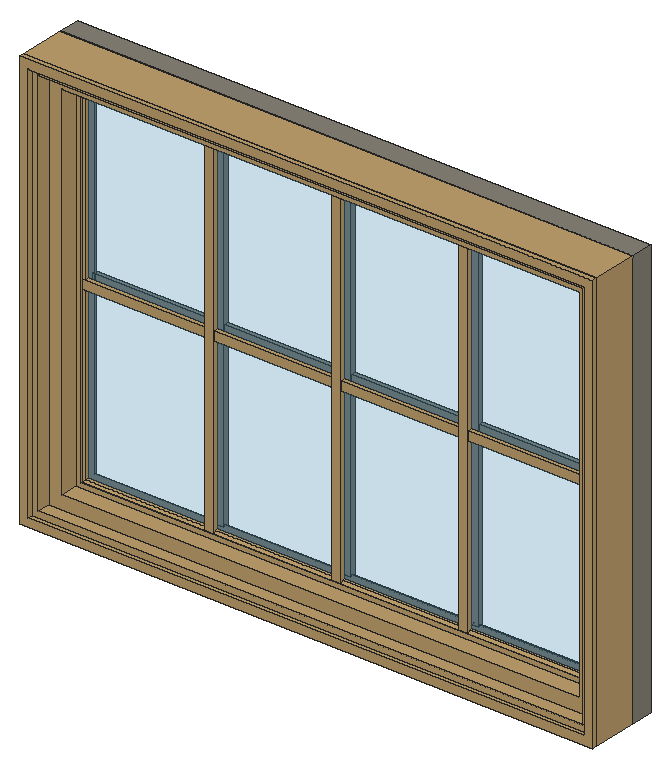
Revit family
Parameters (values of type "CUPAWN4836")
  Window Type = "Clad Ultimate Push Out Awning"
  Vent Area = VO Width * VO Height  # 8.52221 SF
  VO Width = if(Width < 1' 8", Width - 0' 9 19/32", Width - 0' 7 7/64")  # 3' - 4 57/64"
  VO Height = Height - 0' 5 29/256"  # 2' - 6 3/256"
  URL = "www.marvin.com"
  Prairie Corner Width = 0' - 4"
  Prairie Corner Height = 0' - 4"
  Nominal Width = 4' - 0"
  Nominal Height = 3' - 0"
  Muntins Interior Material = Wood-Marvin-Pine
  Muntins Exterior Material = Aluminum-Marvin-Bronze
  Model = "CUPAWN4836"
  Manufacturer = "Marvin Windows and Doors"
  Lites Wide Constraint = if(Nominal Width > 1' 4", Lites Wide, if(Lites Wide < 2, 1, 2))  # 4
  Lites Wide = 4
  Lites High Constraint = if(Nominal Height > 1' 4", Lites High, if(Lites High < 2, 1, 2))  # 2
  Lites High = 2
  Lite Cut Prairie 9 Constraint = if(and(Nominal Width > 1' 4", Nominal Height > 1' 4"), Lite Cut Prairie 9, 1 = 0)  # no
  Lite Cut Prairie 9 = no
  Lite Cut HV Grid = not(Lite Cut Prairie 9 Constraint)  # yes
  Label Visibility = no
  Interior Material = Wood-Marvin-Pine
  Glazing Material = Glass-Marvin-IG Low E II with Argon
  Glass Type = "IG Low E II with Argon"
  Frame = "Aluminum Clad"
  Family created by = "www.rbuiltcomponents.com"
  Elev Swing Visibility [instance] = yes
  Rough Width = Width + 0' 1"  # 4' - 1"
  Rough Height = Height + 0' 0 1/2"  # 2' - 11 5/8"
  Muntins Interior Visibility = yes
  Muntins Exterior Visibility = yes
  Jamb Extension Visibility = yes
  Inset to Installation Flange [instance] = 0' - 1"
  Height = Nominal Height - 0' 0 7/8"  # 2' - 11 1/8"
  Design Pressure = "DP50"
  Description = "4836 AWNG"
  Default Head Height = 8' - 0"
  Wall Closure = (empty or 0)
  Width = Nominal Width  # 4' - 0"
  Daylight Area = DLO Width * DLO Height  # 8.58765 SF
  DLO Width = Width - 0' 5 13/16"  # 3' - 6 3/16"
  DLO Height = Height - 0' 5 13/16"  # 2' - 5 5/16"
  Cladding Material = Aluminum-Marvin-Bronze
  Assembly Code = ""
  Note To User = "All Lite Constraints Apply To Nominal Widths Or Heights < 1 - 6"  # constant formula
Reference planes (in)
  plane 1 "Center (Front/Back)": y = 0
  plane 2: z = 0
  plane 3 "Center (Left/Right)": x = -3
  plane 4 "Left": x = -27
  plane 5 "Right": x = 21
  plane 6 "Sill": z = 60.875
  plane 7 "Top": z = 96
  plane 8 "Inset": y = 2
  plane 9 "Glazing": y = 1.25
  plane 10 "Jamb Ext Face": y = -2.5625
  plane 11: z = 78.4375
  plane 12: y = -2.625
Forms (in)
  Sweep 1, solid, material "Aluminum-Marvin-Bronze" <- "Cladding Material"
    path origin (0, 1.25, 0) x (1, 0, 0) y (0, 0, 1)
      loop
        line (-27, 96) -> (-27, 60.875) -> (21, 60.875) -> (21, 96) -> (-27, 96)
    profile "Profile_Ext_Clad_Frame : Profile_Ext_Clad_Frame" origin (-27, 1.25, 78.4375) x (1, 0, 0) y (0, -1, 0)
      loop
        line (0, 0) -> (0, -1.84401) -> (0.52105, -1.84401) -> (0.62315, -0.38401) -> (2.696, -0.38401) -> (2.696, -0.2654) -> (2.896, -0.0654) -> (2.896, 0) -> (0, 0)
  Sweep 2, solid, material "Wood-Marvin-Pine" <- "Interior Material"
    path origin (0, 1.25, 0) x (1, 0, 0) y (0, 0, 1)
      loop
        line (-27, 96) -> (-27, 60.875) -> (21, 60.875) -> (21, 96) -> (-27, 96)
    profile "Profile_Int_Frame : Profile_Int_Frame" origin (-27, 1.25, 78.4375) x (1, 0, 0) y (0, -1, 0)
      loop
        line (0, 0) -> (2.208, 0) -> (2.208, 0.75299) -> (2.896, 0.75299) -> (2.896, 0.94965) -> (2.7085, 1.13715) -> (2.7085, 1.23699) -> (2.30184, 1.23699) -> (2.30184, 2.71113) -> (1.188, 2.71113) -> (1.188, 3.81199) -> (0, 3.81199) -> (0, 0)
  Extrusion 3, solid, material "Wood-Marvin-Pine" <- "Interior Material", visible <- "Jamb Extension Visibility", detail levels medium+fine
    sketch origin (0, -2.5625, 0) x (1, 0, 0) y (0, 0, 1)
      loop
        line (-27, 96) -> (-27, 60.875) -> (21, 60.875) -> (21, 96) -> (-27, 96)
      loop
        line (-26.3125, 61.5625) -> (20.3125, 61.5625) -> (20.3125, 95.3125) -> (-26.3125, 95.3125) -> (-26.3125, 61.5625)
    from 0.0625 to 0.4375
  Extrusion 4, solid, material "Glass-Marvin-IG Low E II with Argon" <- "Glazing Material"
    sketch origin (0, 1.25, 0) x (1, 0, 0) y (0, 0, 1)
      loop
        line (18.65625, 93.65625) -> (-24.65625, 93.65625) -> (-24.65625, 63.21875) -> (18.65625, 63.21875) -> (18.65625, 93.65625)
    from 0 to 0.125
  Extrusion 5, solid, material "Glass-Marvin-IG Low E II with Argon" <- "Glazing Material"
    sketch origin (0, 1.25, 0) x (1, 0, 0) y (0, 0, 1)
      loop
        line (18.65625, 93.65625) -> (-24.65625, 93.65625) -> (-24.65625, 63.21875) -> (18.65625, 63.21875) -> (18.65625, 93.65625)
    from 0.625 to 0.75
Lines and regions (in)
  Opening 1
    outline origin (-60, -3, 0) x (1, 0, 0) y (0, 0, 1)
      loop
        line (33, 96) -> (33, 60.875) -> (81, 60.875) -> (81, 96) -> (33, 96)
  Masking region 1
    outline origin (0, 0, 60.875) x (0, -1, 0) y (1, 0, 0)
      loop
        line (-3.09401, -27) -> (2.5625, -27) -> (2.5625, 21) -> (-3.09401, 21) -> (-3.09401, -27)
  Masking region 2
    outline origin (-3, 0, 0) x (0, 1, 0) y (0, 0, 1)
      loop
        line (3.09401, 96) -> (-2.5625, 96) -> (-2.5625, 60.875) -> (3.09401, 60.875) -> (3.09401, 96)
  Masking region 3, visible <- "Jamb Extension Visibility"
    outline origin (0, 0, 0) x (1, 0, 0) y (0, 1, 0)
      loop
        line (-27, -2.625) -> (-27, -3) -> (21, -3) -> (21, -2.625) -> (-27, -2.625)
  Masking region 4, visible <- "Jamb Extension Visibility"
    outline origin (-3, 0, 0) x (0, 1, 0) y (0, 0, 1)
      loop
        line (-2.625, 96) -> (-3, 96) -> (-3, 60.875) -> (-2.625, 60.875) -> (-2.625, 96)
  symbolic lines, style "Jamb Extension", visible <- "Jamb Extension Visibility", detail levels fine
    curve 1: line (-27, -3, 60.875) -> (-26.3125, -3, 60.875)
    curve 2: line (-26.3125, -3, 60.875) -> (-26.3125, -2.625, 60.875)
    curve 3: line (21, -3, 60.875) -> (20.3125, -3, 60.875)
    curve 4: line (20.3125, -3, 60.875) -> (20.3125, -2.625, 60.875)
    curve 5: line (-3, -3, 95.3125) -> (-3, -2.625, 95.3125)
    curve 6: line (-3, -3, 61.5625) -> (-3, -2.625, 61.5625)
  symbolic lines, style "WindowsFrameMullionProjection", detail levels coarse+medium
    curve 7: line (21, -2.5625, 0) -> (19.812, -2.5625, 0)
    curve 8: line (19.812, -2.5625, 0) -> (19.812, 3.09401, 0)
    curve 9: line (19.812, 3.09401, 0) -> (21, 3.09401, 0)
    curve 10: line (19.812, 1.63401, 0) -> (18.104, 1.63401, 0)
    curve 11: line (18.104, 1.63401, 0) -> (18.104, 0.01301, 0)
    curve 12: line (-25.812, 0.01301, 0) -> (-24.13337, 0.01301, 0)
    curve 13: line (-27, -2.5625, 0) -> (-25.812, -2.5625, 0)
    curve 14: line (-25.812, -2.5625, 0) -> (-25.812, 3.09401, 0)
    curve 15: line (-25.812, 3.09401, 0) -> (-27, 3.09401, 0)
    curve 16: line (-24.13337, 1.63401, 0) -> (-24.13337, 0.01301, 0)
    curve 17: line (-3, 3.09401, 96) -> (-3, 3.09401, 94.812)
    curve 18: line (-3, 3.09401, 94.812) -> (-3, -2.5625, 94.812)
    curve 19: line (-3, -2.5625, 94.812) -> (-3, -2.5625, 96)
    curve 20: line (-3, 1.63401, 94.812) -> (-3, 1.63401, 93.104)
    curve 21: line (-3, 1.63401, 93.104) -> (-3, 0.00901, 93.104)
    curve 22: line (-3, 0.00901, 62.063) -> (-3, 0.00901, 63.771)
    curve 23: line (-3, 3.09401, 60.875) -> (-3, 3.09401, 62.063)
    curve 24: line (-3, 3.09401, 62.063) -> (-3, -2.5625, 62.063)
    curve 25: line (-3, -2.5625, 62.063) -> (-3, -2.5625, 60.875)
    curve 26: line (-3, 1.63401, 63.771) -> (-3, 0.00901, 63.771)
    curve 29: line (18.104, 1.63401, 0) -> (-24.13337, 1.63401, 0)
    curve 30: line (18.104, 0.01301, 0) -> (19.812, 0.01301, 0)
    curve 31: line (-24.13337, 0.01301, 0) -> (18.104, 0.01301, 0)
    curve 32: line (-24.13337, 1.63401, 0) -> (-25.812, 1.63401, 0)
    curve 33: line (-3, 0.00901, 63.771) -> (-3, 0.00901, 93.104)
    curve 34: line (-3, 1.63401, 63.771) -> (-3, 1.63401, 62.063)
    curve 35: line (-3, 0.00901, 93.104) -> (-3, 0.00901, 94.812)
    curve 36: line (-3, 1.63401, 93.104) -> (-3, 1.63401, 63.771)
  symbolic lines, style "WindowsGlassProjection", detail levels coarse+medium
    curve 27: line (-3, 0.82151, 93.104) -> (-3, 0.82151, 63.771)
    curve 28: line (-24.13337, 0.82351, 0) -> (18.104, 0.82351, 0)
  symbolic lines, style "Elevation Swing", visible <- "Elev Swing Visibility"
    curve 37: line (20.37685, 0, 61.49815) -> (-3, 0, 95.37685)
    curve 38: line (-26.37685, 0, 61.49815) -> (-3, 0, 95.37685)
  symbolic lines, style "WindowsFrameMullionProjection"
    curve 39: line (-3, -2.5625, 62.063) -> (-3, -2.5625, 94.812)
    curve 40: line (-25.812, -2.5625, 60.875) -> (19.812, -2.5625, 60.875)
  symbolic lines, style "WindowsFrameMullionProjection", visible <- "Jamb Extension Visibility", detail levels coarse+medium
    curve 41: line (-26.3125, -2.625, 60.875) -> (-26.3125, -3, 60.875)
    curve 42: line (-26.3125, -3, 60.875) -> (-27, -3, 60.875)
    curve 43: line (20.3125, -2.625, 60.875) -> (20.3125, -3, 60.875)
    curve 44: line (20.3125, -3, 60.875) -> (21, -3, 60.875)
    curve 47: line (-3, -2.625, 95.3125) -> (-3, -3, 95.3125)
    curve 48: line (-3, -3, 95.3125) -> (-3, -3, 96)
    curve 49: line (-3, -2.625, 61.5625) -> (-3, -3, 61.5625)
    curve 50: line (-3, -3, 61.5625) -> (-3, -3, 60.875)
  symbolic lines, style "Jamb Extension", visible <- "Jamb Extension Visibility"
    curve 45: line (-3, -3, 61.5625) -> (-3, -3, 60.875)
    curve 46: line (-3, -3, 95.3125) -> (-3, -3, 96)
Text (in)
  text "EXTERIOR" at (-58.6888, 50.90694, 0), in view "Ref. Level"
  text "INTERIOR" at (-58.6888, -37.76638, 0), in view "Ref. Level"
  text "Exterior" at (0, 43.65631, 123.19604), in view "Left"
  text "Exterior" at (0, 18.29385, 125.04747), in view "Right"
Dimensions and locks (in)
  equal spacing: plane 4 "Left", plane 3 "Center (Left/Right)", plane 5 "Right"
  "Width": plane 4 "Left" to plane 5 "Right"
  "Height": plane 6 "Sill" to plane 7 "Top"
  "Inset to Installation Flange": host wall to plane 8 "Inset"
  locked: plane 9 "Glazing" to plane 8 "Inset" at 0.75
  locked: plane 10 "Jamb Ext Face" to plane 8 "Inset" at 4.5625
  locked: Extrusion 4 sketch curve to plane 5 "Right" at 2.34375
  locked: plane 4 "Left" to Extrusion 4 sketch curve at 2.34375
  locked: Extrusion 4 sketch curve to plane 7 "Top" at 2.34375
  locked: plane 6 "Sill" to Extrusion 4 sketch curve at 2.34375
  plane 8 "Inset" to curve 20 to curve 35 = 0' - 0.36599", 0' - 1 5/8"
  equal spacing: curve 30, curve 10, plane 8 "Inset"
  locked: nested 3 to plane 9 "Glazing" at 0.75
  equal spacing: plane 6 "Sill", plane 11, plane 7 "Top"
  "Default Head Height": plane 2 to plane 7 "Top"
  locked: Extrusion 3 sketch curve to Extrusion 3 sketch curve at 0.6875  (x2)
  locked: Sweep 2 to Extrusion 3 sketch curve at 0.6875
  locked: plane 7 "Top" to Extrusion 3 sketch curve at 0.6875
  locked: nested 5 to host wall at 12.00106
  locked: Extrusion 5 sketch curve to plane 7 "Top" at 2.34375
  locked: Extrusion 5 sketch curve to plane 5 "Right" at 2.34375
  locked: plane 6 "Sill" to Extrusion 5 sketch curve at 2.34375
  locked: plane 4 "Left" to Extrusion 5 sketch curve at 2.34375
  locked: plane 9 "Glazing" to Extrusion 4 at 0.125
  locked: plane 9 "Glazing" to Extrusion 5 at 0.625
  locked: plane 9 "Glazing" to Extrusion 5 at 0.75
  locked: Extrusion 5 to Extrusion 5 at 0.125
  locked: plane 12 to plane 10 "Jamb Ext Face" at 0.0625
  aligned and locked: plane 7 "Top" to Opening 1 sketch curve
  aligned and locked: plane 6 "Sill" to Opening 1 sketch curve  (x2)
  aligned and locked: plane 5 "Right" to Opening 1 sketch curve
  aligned and locked: plane 4 "Left" to Opening 1 sketch curve
  aligned and locked: nested 1 to plane 3 "Center (Left/Right)"
  aligned and locked: plane 8 "Inset" to nested 1
  aligned and locked: host wall to curve 1
  aligned and locked: curve 3 to host wall
  aligned and locked: plane 7 "Top" to Sweep 1 sketch curve
  aligned and locked: Sweep 1 sketch curve to plane 6 "Sill"
  aligned and locked: plane 5 "Right" to Sweep 1 sketch curve
  aligned and locked: Sweep 1 sketch curve to plane 4 "Left"
  aligned and locked: Sweep 2 sketch curve to plane 4 "Left"
  aligned and locked: plane 5 "Right" to Sweep 2 sketch curve
  aligned and locked: plane 7 "Top" to Sweep 2 sketch curve
  aligned and locked: Sweep 2 sketch curve to plane 6 "Sill"
  aligned and locked: plane 6 "Sill" to nested 2
  aligned and locked: plane 8 "Inset" to nested 2
  aligned and locked: Extrusion 3 sketch curve to plane 6 "Sill"
  aligned and locked: plane 5 "Right" to Extrusion 3 sketch curve
  aligned and locked: plane 11 to nested 3
  aligned and locked: plane 9 "Glazing" to nested 4
  aligned and locked: nested 4 to plane 11
  aligned and locked: nested 4 to plane 3 "Center (Left/Right)"
  aligned and locked: plane 3 "Center (Left/Right)" to nested 3
  aligned and locked: plane 5 "Right" to Masking region 1 sketch curve
  aligned and locked: Masking region 1 sketch curve to plane 4 "Left"
  aligned and locked: Masking region 1 sketch curve to Sweep 1
  aligned and locked: Masking region 2 sketch curve to Sweep 1
  aligned and locked: plane 7 "Top" to Masking region 2 sketch curve
  aligned and locked: Masking region 2 sketch curve to plane 6 "Sill"
  aligned and locked: host wall to Extrusion 3
  aligned and locked: Sweep 1 to curve 15
  aligned and locked: curve 9 to Sweep 1
  aligned and locked: curve 23 to Sweep 1
  aligned and locked: curve 17 to Sweep 1
  aligned and locked: plane 3 "Center (Left/Right)" to nested 5
  aligned and locked: Extrusion 3 sketch curve to plane 4 "Left"
  aligned and locked: plane 7 "Top" to Extrusion 3 sketch curve
  aligned and locked: curve 5 to Extrusion 3
  aligned and locked: curve 2 to Extrusion 3
  aligned and locked: curve 4 to Extrusion 3
  aligned and locked: plane 10 "Jamb Ext Face" to curve 13
  aligned and locked: curve 7 to plane 10 "Jamb Ext Face"
  aligned and locked: curve 40 to curve 14
  aligned and locked: curve 40 to curve 8
  aligned and locked: plane 10 "Jamb Ext Face" to curve 40
  aligned and locked: plane 4 "Left" to curve 42
  aligned and locked: curve 41 to Extrusion 3
  aligned and locked: curve 42 to host wall
  aligned and locked: plane 5 "Right" to curve 44
  aligned and locked: Extrusion 3 to curve 43
  aligned and locked: host wall to curve 44
  aligned and locked: curve 25 to plane 10 "Jamb Ext Face"
  aligned and locked: curve 24 to curve 39
  aligned and locked: plane 6 "Sill" to curve 45
  aligned and locked: curve 45 to Extrusion 3
  aligned and locked: curve 45 to host wall
  aligned and locked: plane 10 "Jamb Ext Face" to curve 19
  aligned and locked: plane 7 "Top" to curve 46
  aligned and locked: plane 7 "Top" to curve 48
  aligned and locked: host wall to curve 48
  aligned and locked: Extrusion 3 to curve 47
  aligned and locked: plane 6 "Sill" to curve 50
  aligned and locked: curve 49 to Extrusion 3
  aligned and locked: Sweep 2 to curve 39
  aligned and locked: Extrusion 4 to plane 9 "Glazing"
  aligned and locked: Sweep 1 to curve 10
  aligned and locked: Sweep 1 to curve 32
  aligned and locked: curve 12 to Sweep 2
  aligned and locked: Sweep 2 to curve 30
  aligned and locked: curve 8 to nested 1
  aligned and locked: curve 14 to Sweep 2
  aligned and locked: Extrusion 3 to plane 12
  aligned and locked: plane 12 to curve 2
  aligned and locked: plane 12 to curve 41
  aligned and locked: plane 12 to curve 4
  aligned and locked: plane 12 to curve 43
  aligned and locked: plane 12 to curve 5
  aligned and locked: plane 12 to curve 47
  aligned and locked: plane 12 to curve 6
  aligned and locked: plane 12 to curve 49
  aligned and locked: plane 12 to Masking region 3 sketch curve
  aligned and locked: Masking region 3 sketch curve to host wall
  aligned and locked: Masking region 3 sketch curve to plane 4 "Left"
  aligned and locked: plane 5 "Right" to Masking region 3 sketch curve
  aligned and locked: plane 12 to Masking region 4 sketch curve
  aligned and locked: Masking region 4 sketch curve to host wall
  aligned and locked: plane 7 "Top" to Masking region 4 sketch curve
  aligned and locked: Masking region 4 sketch curve to plane 6 "Sill"
  aligned and locked: Masking region 1 sketch curve to plane 10 "Jamb Ext Face"
  aligned and locked: Masking region 2 sketch curve to plane 10 "Jamb Ext Face"
  aligned and locked: Sweep 1 to curve 37  (x2)
  aligned and locked: curve 38 to Sweep 1
Automatic sketch dimensions
  curve 13 to plane 4 "Left" = 0' - 0"
  curve 15 to plane 4 "Left" = 0' - 0"
  curve 7 to plane 5 "Right" = 0' - 0"
  curve 9 to plane 5 "Right" = 0' - 0"
  plane 9 "Glazing" to curve 28 = 0' - 0.42649"
  curve 11 to curve 30 = 0' - 1.708"
  curve 1 to plane 4 "Left" = 0' - 0"
  curve 3 to plane 5 "Right" = 0' - 0"
  curve 25 to plane 6 "Sill" = 0' - 0"
  curve 23 to plane 6 "Sill" = 0' - 0"
  curve 17 to plane 7 "Top" = 0' - 0"
  curve 19 to plane 7 "Top" = 0' - 0"
  plane 9 "Glazing" to curve 27 = 0' - 0.42849"
  curve 6 to curve 25 = 0' - 0.5005"
  curve 22 to curve 26 = 0' - 1.708"
  curve 36 to curve 20 = 0' - 1.708"
  curve 12 to curve 16 = 0' - 1.67863"
  curve 37 to plane 3 "Center (Left/Right)" = 0' - 0"
  curve 38 to plane 4 "Left" = 0' - 0.62315"
  plane 5 "Right" to curve 37 = 0' - 0.62315"
Nested families (in)
  nested 1: "Casement_Plan_Detail" at (-3, 2, 60.875) x (-1, 0, 0) z (0, 0, -1), type "Casement_Plan_Detail", detail levels fine
    with Width 4' - 0"
  nested 2: "Casement_Section_Detail" at (-3, 2, 96) x (0, -1, 0) z (1, 0, 0), type "Casement_Section_Detail", detail levels fine
    with Height 2' - 11 1/8"
  nested 3: "Muntins" at (-3, 0.5, 27.78125), visible <- "Muntins Interior Visibility", Muntin Material <- "Interior Material", type "Muntins"
    with Muntin Material Wood-Marvin-Pine, GlazingWidth 3' - 6 3/16", GlazingHeight 2' - 5 5/16", Width 3' - 6 5/8", VerticalMuntins 3, LitesVertical 2, LitesHorizontal 4, HorizMuntVisible no, Height 2' - 5 3/4", Inset Vert 0' - 10 9/32", Inset Horiz 0' - 9.54167", CenterMuntinHorizontal yes
  nested 4: "Muntins" at (-3, 1.25, 27.78125), visible <- "Muntins Exterior Visibility", Muntin Material <- "Cladding Material", type "Muntins"
    with Muntin Material Aluminum-Marvin-Bronze, GlazingWidth 3' - 6 3/16", GlazingHeight 2' - 5 5/16", Width 3' - 6 5/8", VerticalMuntins 3, LitesVertical 2, LitesHorizontal 4, HorizMuntVisible no, Height 2' - 5 3/4", Inset Vert 0' - 10 9/32", Inset Horiz 0' - 9.54167", CenterMuntinHorizontal yes
  nested 5: "Label Annotation 1-16 w" at (-3, 15.00106, 0), visible <- "Label Visibility", type "Label Annotation 1-16 w"
Definition of nested family "Muntins"
  Parameters (values of type "Muntins")
    PrairieMuntVisible = no
    Prairie Corner Width = 0' - 4"
    Prairie Corner Height = 0' - 4"
    Muntin Extension = 0' - 0 7/16"
    GridMuntVisible = yes
    GlazingWidth = 2' - 0"
    GlazingHeight = 2' - 11 1/8"
    Width = GlazingWidth + Muntin Extension  # 2' - 0 7/16"
    VerticalMuntins = if(LitesHorizontal < 3, 2, LitesHorizontal - 1)  # 2
    VertMuntVisible = and(GridMuntVisible, LitesHorizontal > 2)  # yes
    MuntinWidth = 0' - 0 3/4"
    MuntinDepth [instance] = 0' - 0 3/8"
    Muntin Material [instance] = none
    LitesVertical = 3
    LitesHorizontal = 3
    HorizontalMuntins = if(LitesVertical < 3, 2, LitesVertical - 1)  # 2
    HorizMuntVisible = and(GridMuntVisible, LitesVertical > 2)  # yes
    Height = GlazingHeight + Muntin Extension  # 2' - 11 9/16"
    Inset Vert = if(LitesHorizontal < 3, (Width / 3) - (MuntinWidth / 2), (Width / LitesHorizontal) - (MuntinWidth / 2))  # 0' - 7.77083"
    Inset Horiz = if(LitesVertical < 3, (Height / 3) - (MuntinWidth / 2), (Height / LitesVertical) - (MuntinWidth / 2))  # 0' - 11.47917"
    CenterMuntinVertical = and(GridMuntVisible, LitesHorizontal = 2)  # no
    CenterMuntinHorizontal = and(GridMuntVisible, LitesVertical = 2)  # no
    Assembly Code = ""
  Reference planes (in)
    plane 1 "Center (Front/Back)": y = 0
    plane 2: z = 0
    plane 3 "Center (Left/Right)": x = 0
    plane 4: z = 35.78125
    plane 5: z = 53.5625
    plane 6: z = 71.34375
    plane 7: z = 59.86458
    plane 8: z = 47.26042
    plane 9: z = 71.125
    plane 10: z = 36
    plane 11: x = -12
    plane 12: x = 12
    plane 13: x = -4.44792
    plane 14: x = -12.21875
    plane 15: x = 12.21875
    plane 16: x = 4.44792
    plane 17: z = 67.125
    plane 18: z = 40
    plane 19: x = -8
    plane 20: x = 8
  Forms (in)
    Extrusion 1, solid, material <- "Muntin Material", visible <- "CenterMuntinVertical", detail levels medium+fine
      sketch origin (9, 0, 0) x (1, 0, 0) y (0, 0, 1)
        loop
          line (-9.375, 71.34375) -> (-9.375, 35.78125) -> (-8.625, 35.78125) -> (-8.625, 71.34375) -> (-9.375, 71.34375)
      from 0 to 0.375 <- "MuntinDepth"
    Extrusion 2, solid, material <- "Muntin Material", visible <- "CenterMuntinHorizontal", detail levels medium+fine
      sketch origin (-0.0013, 0, 14.6875) x (1, 0, 0) y (0, 0, 1)
        loop
          line (-12.21745, 39.25) -> (-12.21745, 38.5) -> (12.22005, 38.5) -> (12.22005, 39.25) -> (-12.21745, 39.25)
      from 0 to 0.375 <- "MuntinDepth"
    Extrusion 3, solid, material <- "Muntin Material", visible <- "VertMuntVisible", detail levels medium+fine
      sketch origin (4.92708, 0, -2.90625) x (1, 0, 0) y (0, 0, 1)
        loop
          line (-9.375, 74.25) -> (-9.375, 38.6875) -> (-8.625, 38.6875) -> (-8.625, 74.25) -> (-9.375, 74.25)
      from 0 to 0.375 <- "MuntinDepth"
    Extrusion 4, solid, material <- "Muntin Material", visible <- "HorizMuntVisible", detail levels medium+fine
      sketch origin (-3.09635, 0, 14.17708) x (1, 0, 0) y (0, 0, 1)
        loop
          line (-9.1224, 45.6875) -> (-9.1224, 44.9375) -> (15.3151, 44.9375) -> (15.3151, 45.6875) -> (-9.1224, 45.6875)
      from 0 to 0.375 <- "MuntinDepth"
    Extrusion 5, solid, material <- "Muntin Material", visible <- "HorizMuntVisible", detail levels medium+fine
      sketch origin (-3.09635, 0, 2.32292) x (1, 0, 0) y (0, 0, 1)
        loop
          line (-9.1224, 45.6875) -> (-9.1224, 44.9375) -> (15.3151, 44.9375) -> (15.3151, 45.6875) -> (-9.1224, 45.6875)
      from 0 to 0.375 <- "MuntinDepth"
    Extrusion 6, solid, material <- "Muntin Material", visible <- "VertMuntVisible", detail levels medium+fine
      sketch origin (13.07292, 0, -2.90625) x (1, 0, 0) y (0, 0, 1)
        loop
          line (-9.375, 74.25) -> (-9.375, 38.6875) -> (-8.625, 38.6875) -> (-8.625, 74.25) -> (-9.375, 74.25)
      from 0 to 0.375 <- "MuntinDepth"
    Extrusion 7, solid, material <- "Muntin Material", visible <- "PrairieMuntVisible", detail levels medium+fine
      sketch origin (1, 0, 0) x (1, 0, 0) y (0, 0, 1)
        loop
          line (-9, 71.34375) -> (-9, 35.78125) -> (-8.25, 35.78125) -> (-8.25, 71.34375) -> (-9, 71.34375)
      from 0 to 0.375 <- "MuntinDepth"
    Extrusion 8, solid, material <- "Muntin Material", visible <- "PrairieMuntVisible", detail levels medium+fine
      sketch origin (17, 0, 0) x (1, 0, 0) y (0, 0, 1)
        loop
          line (-9.75, 71.34375) -> (-9.75, 35.78125) -> (-9, 35.78125) -> (-9, 71.34375) -> (-9.75, 71.34375)
      from 0 to 0.375 <- "MuntinDepth"
    Extrusion 9, solid, material <- "Muntin Material", visible <- "PrairieMuntVisible", detail levels medium+fine
      sketch origin (-0.0013, 0, 28.25) x (1, 0, 0) y (0, 0, 1)
        loop
          line (-12.21745, 38.875) -> (-12.21745, 38.125) -> (12.22005, 38.125) -> (12.22005, 38.875) -> (-12.21745, 38.875)
      from 0 to 0.375 <- "MuntinDepth"
    Extrusion 10, solid, material <- "Muntin Material", visible <- "PrairieMuntVisible", detail levels medium+fine
      sketch origin (-0.0013, 0, 1.125) x (1, 0, 0) y (0, 0, 1)
        loop
          line (-12.21745, 39.625) -> (-12.21745, 38.875) -> (12.22005, 38.875) -> (12.22005, 39.625) -> (-12.21745, 39.625)
      from 0 to 0.375 <- "MuntinDepth"
  Cuts and joins
    joined: Extrusion 7, Extrusion 8, Extrusion 9, Extrusion 10
  Lines and regions (in)
    model lines, style "Muntins", visible <- "CenterMuntinHorizontal", detail levels coarse
      curve 1: line (-12.21875, 0, 53.5625) -> (12.21875, 0, 53.5625)
    model lines, style "Muntins", visible <- "HorizMuntVisible", detail levels coarse
      curve 2: line (-12.21875, 0, 59.48958) -> (12.21875, 0, 59.48958)
      curve 3: line (-12.21875, 0, 47.63542) -> (12.21875, 0, 47.63542)
    model lines, style "Muntins", visible <- "CenterMuntinVertical", detail levels coarse
      curve 4: line (0, 0, 71.34375) -> (0, 0, 35.78125)
    model lines, style "Muntins", visible <- "VertMuntVisible", detail levels coarse
      curve 5: line (-4.07292, 0, 71.34375) -> (-4.07292, 0, 35.78125)
      curve 6: line (4.07292, 0, 71.34375) -> (4.07292, 0, 35.78125)
    model lines, style "Muntins", visible <- "PrairieMuntVisible", detail levels coarse
      curve 7: line (-12.21875, 0, 66.75) -> (12.21875, 0, 66.75)
      curve 8: line (-12.21875, 0, 40.375) -> (12.21875, 0, 40.375)
      curve 9: line (-7.625, 0, 35.78125) -> (-7.625, 0, 71.34375)
      curve 10: line (7.625, 0, 35.78125) -> (7.625, 0, 71.34375)
  Dimensions and locks (in)
    "Inset Horiz": plane 6 to plane 7
    "Inset Horiz": plane 8 to plane 4
    equal spacing: plane 6, plane 5, plane 4
    "Height": plane 6 to plane 4
    "GlazingHeight": plane 9 to plane 10
    equal spacing: plane 9, plane 5, plane 10
    "GlazingWidth": plane 12 to plane 11
    equal spacing: plane 12, plane 3 "Center (Left/Right)", plane 11
    "MuntinWidth": Extrusion 1 sketch curve to Extrusion 1 sketch curve
    "Height": Extrusion 1 sketch curve to Extrusion 1 sketch curve
    "MuntinWidth": Extrusion 2 sketch curve to Extrusion 2 sketch curve
    "Width": Extrusion 2 sketch curve to Extrusion 2 sketch curve
    "MuntinWidth": Extrusion 3 sketch curve to Extrusion 3 sketch curve
    "Height": Extrusion 3 sketch curve to Extrusion 3 sketch curve
    "Width": plane 15 to plane 14
    equal spacing: plane 15, plane 3 "Center (Left/Right)", plane 14
    "Inset Vert": plane 13 to plane 14
    "Inset Vert": plane 15 to plane 16
    "MuntinWidth": Extrusion 4 sketch curve to Extrusion 4 sketch curve
    "Width": Extrusion 4 sketch curve to Extrusion 4 sketch curve
    "MuntinWidth": Extrusion 5 sketch curve to Extrusion 5 sketch curve
    "Width": Extrusion 5 sketch curve to Extrusion 5 sketch curve
    group 2 to group 3 = 0' - 0"  (x2)
    group 3 to group 2 = 0' - 11.85417"
    "MuntinWidth": Extrusion 6 sketch curve to Extrusion 6 sketch curve
    "Height": Extrusion 6 sketch curve to Extrusion 6 sketch curve
    group 4 to group 5 = 0' - 8.14583"
    group 4 to group 5 = 0' - 0"  (x2)
    "Prairie Corner Width": plane 19 to plane 11
    "Prairie Corner Width": plane 20 to plane 12
    "Prairie Corner Height": plane 9 to plane 17
    "Prairie Corner Height": plane 18 to plane 10
    "MuntinWidth": Extrusion 7 sketch curve to Extrusion 7 sketch curve
    "Height": Extrusion 7 sketch curve to Extrusion 7 sketch curve
    "MuntinWidth": Extrusion 8 sketch curve to Extrusion 8 sketch curve
    "Height": Extrusion 8 sketch curve to Extrusion 8 sketch curve
    "MuntinWidth": Extrusion 9 sketch curve to Extrusion 9 sketch curve
    "Width": Extrusion 9 sketch curve to Extrusion 9 sketch curve
    "MuntinWidth": Extrusion 10 sketch curve to Extrusion 10 sketch curve
    "Width": Extrusion 10 sketch curve to Extrusion 10 sketch curve
    aligned and locked: plane 6 to Extrusion 1  (x2)
    aligned and locked: Extrusion 1 to plane 4  (x3)
    aligned and locked: Extrusion 3 to plane 13  (x5)
    aligned and locked: Extrusion 3 to plane 4  (x3)
    aligned and locked: Extrusion 2 to plane 14
    aligned and locked: plane 15 to Extrusion 2
    aligned and locked: plane 6 to Extrusion 3
    aligned and locked: plane 7 to Extrusion 4
    aligned and locked: Extrusion 4 to plane 14
    aligned and locked: plane 15 to Extrusion 4
    aligned and locked: curve 1 to plane 5
    aligned and locked: plane 14 to curve 1
    aligned and locked: plane 15 to curve 1
    aligned and locked: Extrusion 5 to plane 14
    aligned and locked: Extrusion 5 to plane 8
    aligned and locked: plane 15 to Extrusion 5
    aligned and locked: Extrusion 5 to curve 3  (x2)
    aligned and locked: Extrusion 4 to curve 2  (x2)
    aligned and locked: curve 4 to plane 3 "Center (Left/Right)"
    aligned and locked: Extrusion 1 to curve 4  (x2)
    aligned and locked: Extrusion 3 to curve 5  (x2)
    aligned and locked: Extrusion 6 to curve 6  (x2)
    aligned and locked: Extrusion 6 to plane 16
    aligned and locked: plane 6 to Extrusion 6
    aligned and locked: plane 6 to curve 6
    aligned and locked: Extrusion 6 to plane 4
    aligned and locked: plane 4 to curve 6
    aligned and locked: cut or joined group of Extrusion 7, Extrusion 8, Extrusion 9, Extrusion 10 to plane 19
    aligned and locked: plane 20 to cut or joined group of Extrusion 7, Extrusion 8, Extrusion 9, Extrusion 10
    aligned and locked: plane 17 to cut or joined group of Extrusion 7, Extrusion 8, Extrusion 9, Extrusion 10
    aligned and locked: cut or joined group of Extrusion 7, Extrusion 8, Extrusion 9, Extrusion 10 to plane 18
    aligned and locked: cut or joined group of Extrusion 7, Extrusion 8, Extrusion 9, Extrusion 10 to curve 7  (x2)
    aligned and locked: cut or joined group of Extrusion 7, Extrusion 8, Extrusion 9, Extrusion 10 to curve 8  (x2)
    aligned and locked: cut or joined group of Extrusion 7, Extrusion 8, Extrusion 9, Extrusion 10 to curve 9  (x2)
    aligned and locked: cut or joined group of Extrusion 7, Extrusion 8, Extrusion 9, Extrusion 10 to curve 10  (x2)
  Automatic sketch dimensions
    Extrusion 1 sketch curve to plane 4 = 0' - 0"
    Extrusion 1 sketch curve to plane 3 "Center (Left/Right)" = 0' - 0 3/8"
    Extrusion 2 sketch curve to plane 14 = 0' - 0"
    Extrusion 2 sketch curve to plane 5 = 0' - 0 3/8"
    Extrusion 7 sketch curve to plane 4 = 0' - 0"
    Extrusion 7 sketch curve to plane 19 = 0' - 0"
    Extrusion 8 sketch curve to plane 4 = 0' - 0"
    Extrusion 8 sketch curve to plane 20 = 0' - 0 3/4"
    Extrusion 9 sketch curve to plane 14 = 0' - 0"
    Extrusion 9 sketch curve to plane 17 = 0' - 0 3/4"
    Extrusion 10 sketch curve to plane 14 = 0' - 0"
    Extrusion 10 sketch curve to plane 18 = 0' - 0"
    plane 19 to curve 9 = 0' - 0 3/8"
    curve 10 to plane 20 = 0' - 0 3/8"
    plane 18 to curve 8 = 0' - 0 3/8"
    curve 7 to plane 17 = 0' - 0 3/8"
Definition of nested family "Casement_Plan_Detail"
  Parameters (values of type "Casement_Plan_Detail")
    Width = 3' - 0"
    Assembly Code = ""
  Reference planes (in)
    plane 1 "Center (Front/Back)": y = 0
    plane 2: z = 0
    plane 3 "Center (Left/Right)": x = 0
    plane 4: x = -18
    plane 5: x = 18
  Lines and regions (in)
    detail lines, style "Cut Lines", in view "Ref. Level"
      curve 1: line (-15.647, -0.74875, 0) -> (15.647, -0.74875, 0)
      curve 2: line (-15.647, -0.86675, 0) -> (15.647, -0.86675, 0)
      curve 3: line (-15.647, -1.38075, 0) -> (15.647, -1.38075, 0)
      curve 4: line (-15.647, -1.49875, 0) -> (15.647, -1.49875, 0)
    detail lines, style "DetailComponentsHiddenLines", in view "Ref. Level"
      curve 5: line (-14.92484, -2.36899, 0) -> (14.96084, -2.36899, 0)
  Dimensions and locks (in)
    equal spacing: plane 4, plane 3 "Center (Left/Right)", plane 5
    "Width": plane 4 to plane 5
    aligned and locked: plane 1 "Center (Front/Back)" to nested 1
    aligned and locked: nested 1 to plane 4
    aligned and locked: plane 5 to nested 2
    aligned and locked: nested 2 to plane 1 "Center (Front/Back)"
    aligned and locked: nested 2 to nested 2
    aligned and locked: nested 1 to curve 5
  Automatic sketch dimensions
    plane 1 "Center (Front/Back)" to curve 1 = 0' - 0.74875"
    curve 2 to curve 1 = 0' - 0"
    curve 4 to curve 2 = 0' - 0"
    curve 3 to curve 4 = 0' - 0"  (x2)
    curve 4 to curve 5 = 0' - 0.72216"
    plane 5 to curve 5 = 0' - 3.03916"
    curve 5 to curve 4 = 0' - 0.68616"
    curve 2 to curve 4 = 0' - 0"
    curve 1 to curve 2 = 0' - 0"
    curve 2 to curve 1 = 0' - 0.118"
    curve 3 to curve 2 = 0' - 0.514"
    curve 4 to curve 3 = 0' - 0.118"
    curve 5 to curve 4 = 0' - 0.87024"
  Nested families (in)
    nested 1: "Jamb_Detail" at (-18, 0, 0), type "Jamb_Detail", in view "Ref. Level"
    nested 2: "Jamb_Detail" at (18, 0, 0) x (-1, 0, 0) z (0, 0, 1), type "Jamb_Detail", in view "Ref. Level"
  Definition of nested family "Jamb_Detail"
    Parameters (values of type "Jamb_Detail")
      Assembly Code = ""
    Reference planes (in)
      plane 1 "Center (Front/Back)": y = 0
      plane 2: z = 0
      plane 3 "Center (Left/Right)": x = 0
    Lines and regions (in)
      detail lines, style "Cut Lines", in view "Ref. Level"
        curve 1: line (0, 4.56199, 0) -> (1.188, 4.56199, 0)
        curve 2: line (0, -1.09401, 0) -> (0, 4.56199, 0)
        curve 3: line (1.188, 4.56199, 0) -> (1.188, 0.76198, 0)
        curve 4: line (0.52105, -1.09401, 0) -> (0, -1.09401, 0)
        curve 5: line (0.637, 0.56409, 0) -> (0.52105, -1.09401, 0)
        curve 6: line (0.637, 0.56409, 0) -> (0.637, 1.98699, 0)
        curve 7: line (-1.5, 0, 0) -> (-0.15, 0, 0)
        curve 8: line (0, -0.04501, 0) -> (-1.5, -0.04501, 0)
        curve 9: line (-1.5, -0.04501, 0) -> (-1.5, 0, 0)
        curve 10: line (-0.15, 0.10999, 0) -> (0, 0.10999, 0)
        curve 11: line (-0.15, 0, 0) -> (-0.15, 0.10999, 0)
        curve 12: line (1.188, 3.46342, 0) -> (2.115, 3.46342, 0)
        curve 13: line (2.115, 3.46342, 0) -> (2.115, 2.86577, 0)
        curve 14: line (2.30184, 2.86577, 0) -> (2.30184, 2.34399, 0)
        curve 15: line (2.489, 2.34399, 0) -> (2.489, 1.98699, 0)
        curve 16: line (2.115, 2.86577, 0) -> (2.30184, 2.86577, 0)
        curve 17: line (0.805, 0.76198, 0) -> (1.188, 0.76198, 0)
        curve 18: line (0.805, 0.36599, 0) -> (0.805, 0.76198, 0)
        curve 19: line (2.696, 0.36599, 0) -> (0.805, 0.36599, 0)
        curve 20: line (2.696, 0.4846, 0) -> (2.696, 0.36599, 0)
        curve 21: line (2.896, 0.6846, 0) -> (2.696, 0.4846, 0)
        curve 22: line (2.208, 0.71396, 0) -> (2.896, 0.71396, 0)
        curve 23: line (2.208, 1.50299, 0) -> (2.208, 0.71396, 0)
        curve 24: line (2.896, 1.50299, 0) -> (2.208, 1.50299, 0)
        curve 25: line (2.896, 1.67399, 0) -> (2.896, 1.50299, 0)
        curve 26: line (2.677, 1.98699, 0) -> (2.677, 1.89299, 0)
        curve 27: line (0.637, 1.98699, 0) -> (2.677, 1.98699, 0)
        curve 28: line (2.896, 0.71396, 0) -> (2.896, 0.6846, 0)
        curve 29: line (2.677, 1.89299, 0) -> (2.896, 1.67399, 0)
        curve 30: line (2.30184, 2.71899, 0) -> (2.98516, 2.71899, 0)
        curve 31: line (2.88116, 2.34399, 0) -> (2.30184, 2.34399, 0)
        curve 32: line (2.88116, 2.57074, 0) -> (2.88116, 2.34399, 0)
        curve 33: line (3.00316, 2.57074, 0) -> (2.88116, 2.57074, 0)
        curve 34: line (3.07516, 2.61899, 0) -> (3.07516, 2.36799, 0)
        curve 35: line (3.00316, 2.36799, 0) -> (3.00316, 2.57074, 0)
        curve 36: line (3.00316, 2.36799, 0) -> (3.07516, 2.36799, 0)
        curve 37: line (2.98516, 2.71899, 0) -> (2.98516, 2.61899, 0)
        curve 38: line (2.98516, 2.61899, 0) -> (3.07516, 2.61899, 0)
        curve 39: line (2.353, 1.38075, 0) -> (2.353, 1.49875, 0)
        curve 40: line (2.478, 0.86675, 0) -> (2.478, 1.38075, 0)
        curve 41: line (2.728, 0.87375, 0) -> (2.728, 1.37375, 0)
        curve 42: line (2.353, 0.74875, 0) -> (2.353, 0.86675, 0)
Definition of nested family "Casement_Section_Detail"
  Parameters (values of type "Casement_Section_Detail")
    Height = 3' - 11 1/8"
    Assembly Code = ""
  Reference planes (in)
    plane 1 "Center (Front/Back)": y = 0
    plane 2: z = 0
    plane 3 "Center (Left/Right)": x = 0
    plane 4: y = 47.125
  Lines and regions (in)
    detail lines, style "Cut Lines", in view "Ref. Level"
      curve 1: line (0.74625, 44.77203, 0) -> (0.74625, 2.35297, 0)
      curve 2: line (0.86425, 44.77203, 0) -> (0.86425, 2.35297, 0)
      curve 3: line (1.37825, 44.77203, 0) -> (1.37825, 2.35297, 0)
      curve 4: line (1.49625, 44.77203, 0) -> (1.49625, 2.35297, 0)
    detail lines, style "DetailComponentsHiddenLines", in view "Ref. Level"
      curve 5: line (2.36799, 3.28429, 0) -> (2.36799, 44.04984, 0)
  Dimensions and locks (in)
    "Height": plane 4 to plane 1 "Center (Front/Back)"
    aligned and locked: plane 1 "Center (Front/Back)" to nested 1
    aligned and locked: plane 3 "Center (Left/Right)" to nested 1
    aligned and locked: nested 2 to plane 4
    aligned and locked: plane 3 "Center (Left/Right)" to nested 2
    aligned and locked: nested 1 to curve 5  (x2)
    aligned and locked: nested 2 to curve 5
  Automatic sketch dimensions
    plane 3 "Center (Left/Right)" to curve 1 = 0' - 0.74625"
    curve 1 to curve 2 = 0' - 0.118"
    curve 2 to curve 3 = 0' - 0.514"
    curve 3 to curve 4 = 0' - 0.118"
    curve 3 to curve 5 = 0' - 0.93132"
    curve 2 to curve 3 = 0' - 0"  (x2)
    curve 4 to curve 3 = 0' - 0"  (x2)
    curve 1 to curve 2 = 0' - 0"  (x2)
    curve 5 to curve 3 = 0' - 0.72219"
  Nested families (in)
    nested 1: "Sill_Detail" at (0, 0, 0), type "Sill_Detail", in view "Ref. Level"
    nested 2: "Head_Detail" at (0, 47.125, 0), type "Head_Detail", in view "Ref. Level"
  Definition of nested family "Sill_Detail"
    Parameters (values of type "Sill_Detail")
      Assembly Code = ""
    Reference planes (in)
      plane 1 "Center (Front/Back)": y = 0
      plane 2: z = 0
      plane 3 "Center (Left/Right)": x = 0
    Lines and regions (in)
      detail lines, style "Cut Lines", in view "Ref. Level"
        curve 1: line (4.56199, 0, 0) -> (4.56199, 1.188, 0)
        curve 2: line (-1.09401, 0, 0) -> (4.56199, 0, 0)
        curve 3: line (4.56199, 1.188, 0) -> (0.76198, 1.188, 0)
        curve 4: line (-1.09401, 0.52105, 0) -> (-1.09401, 0, 0)
        curve 5: line (0.56409, 0.637, 0) -> (-1.09401, 0.52105, 0)
        curve 6: line (0.56409, 0.637, 0) -> (1.98699, 0.637, 0)
        curve 7: line (0, -1.5, 0) -> (0, -0.15, 0)
        curve 8: line (-0.04501, 0, 0) -> (-0.04501, -1.5, 0)
        curve 9: line (-0.04501, -1.5, 0) -> (0, -1.5, 0)
        curve 10: line (0.10999, -0.15, 0) -> (0.10999, 0, 0)
        curve 11: line (0, -0.15, 0) -> (0.10999, -0.15, 0)
        curve 12: line (3.46342, 1.188, 0) -> (3.46342, 2.51098, 0)
        curve 13: line (3.46342, 2.51098, 0) -> (1.98699, 2.51098, 0)
        curve 14: line (0.76198, 0.805, 0) -> (0.76198, 1.188, 0)
        curve 15: line (0.36599, 0.805, 0) -> (0.76198, 0.805, 0)
        curve 16: line (0.36599, 2.696, 0) -> (0.36599, 0.805, 0)
        curve 17: line (0.4846, 2.696, 0) -> (0.36599, 2.696, 0)
        curve 18: line (0.6846, 2.896, 0) -> (0.4846, 2.696, 0)
        curve 19: line (0.71396, 2.208, 0) -> (0.71396, 2.896, 0)
        curve 20: line (1.50299, 2.208, 0) -> (0.71396, 2.208, 0)
        curve 21: line (1.50299, 2.896, 0) -> (1.50299, 2.208, 0)
        curve 22: line (1.67399, 2.896, 0) -> (1.50299, 2.896, 0)
        curve 23: line (1.98699, 2.677, 0) -> (1.89299, 2.677, 0)
        curve 24: line (1.98699, 0.637, 0) -> (1.98699, 2.677, 0)
        curve 25: line (0.71396, 2.896, 0) -> (0.6846, 2.896, 0)
        curve 26: line (1.89299, 2.677, 0) -> (1.67399, 2.896, 0)
        curve 27: line (2.71899, 2.51098, 0) -> (2.71899, 3.19429, 0)
        curve 28: line (2.34399, 3.09029, 0) -> (2.34399, 2.51098, 0)
        curve 29: line (2.57074, 3.09029, 0) -> (2.34399, 3.09029, 0)
        curve 30: line (2.57074, 3.21229, 0) -> (2.57074, 3.09029, 0)
        curve 31: line (2.61899, 3.28429, 0) -> (2.36799, 3.28429, 0)
        curve 32: line (2.36799, 3.21229, 0) -> (2.57074, 3.21229, 0)
        curve 33: line (2.36799, 3.21229, 0) -> (2.36799, 3.28429, 0)
        curve 34: line (2.71899, 3.19429, 0) -> (2.61899, 3.19429, 0)
        curve 35: line (2.61899, 3.19429, 0) -> (2.61899, 3.28429, 0)
        curve 36: line (1.38075, 2.353, 0) -> (1.49875, 2.353, 0)
        curve 37: line (0.86675, 2.478, 0) -> (1.38075, 2.478, 0)
        curve 38: line (0.87375, 2.728, 0) -> (1.37375, 2.728, 0)
        curve 39: line (0.74875, 2.353, 0) -> (0.86675, 2.353, 0)
  Definition of nested family "Head_Detail"
    Parameters (values of type "Head_Detail")
      Assembly Code = ""
    Reference planes (in)
      plane 1 "Center (Front/Back)": y = 0
      plane 2: z = 0
      plane 3 "Center (Left/Right)": x = 0
    Lines and regions (in)
      detail lines, style "Cut Lines", in view "Ref. Level"
        curve 1: line (4.56199, 0, 0) -> (4.56199, -1.188, 0)
        curve 2: line (-1.09401, 0, 0) -> (4.56199, 0, 0)
        curve 3: line (4.56199, -1.188, 0) -> (0.76198, -1.188, 0)
        curve 4: line (-1.09401, -0.52105, 0) -> (-1.09401, 0, 0)
        curve 5: line (0.56409, -0.637, 0) -> (-1.09401, -0.52105, 0)
        curve 6: line (0.56409, -0.637, 0) -> (1.98699, -0.637, 0)
        curve 7: line (0, 1.5, 0) -> (0, 0.15, 0)
        curve 8: line (-0.04501, 0, 0) -> (-0.04501, 1.5, 0)
        curve 9: line (-0.04501, 1.5, 0) -> (0, 1.5, 0)
        curve 10: line (0.10999, 0.15, 0) -> (0.10999, 0, 0)
        curve 11: line (0, 0.15, 0) -> (0.10999, 0.15, 0)
        curve 12: line (3.46342, -1.188, 0) -> (3.46342, -2.30184, 0)
        curve 13: line (3.46342, -2.30184, 0) -> (2.34399, -2.30184, 0)
        curve 14: line (2.34399, -2.489, 0) -> (1.98699, -2.489, 0)
        curve 15: line (0.76198, -0.805, 0) -> (0.76198, -1.188, 0)
        curve 16: line (0.36599, -0.805, 0) -> (0.76198, -0.805, 0)
        curve 17: line (0.36599, -2.696, 0) -> (0.36599, -0.805, 0)
        curve 18: line (0.4846, -2.696, 0) -> (0.36599, -2.696, 0)
        curve 19: line (0.6846, -2.896, 0) -> (0.4846, -2.696, 0)
        curve 20: line (0.71396, -2.208, 0) -> (0.71396, -2.896, 0)
        curve 21: line (1.50299, -2.208, 0) -> (0.71396, -2.208, 0)
        curve 22: line (1.50299, -2.896, 0) -> (1.50299, -2.208, 0)
        curve 23: line (1.67399, -2.896, 0) -> (1.50299, -2.896, 0)
        curve 24: line (1.98699, -2.677, 0) -> (1.89299, -2.677, 0)
        curve 25: line (1.98699, -0.637, 0) -> (1.98699, -2.677, 0)
        curve 26: line (0.71396, -2.896, 0) -> (0.6846, -2.896, 0)
        curve 27: line (1.89299, -2.677, 0) -> (1.67399, -2.896, 0)
        curve 28: line (2.71899, -2.30184, 0) -> (2.71899, -2.98516, 0)
        curve 29: line (2.34399, -2.88116, 0) -> (2.34399, -2.30184, 0)
        curve 30: line (2.57074, -2.88116, 0) -> (2.34399, -2.88116, 0)
        curve 31: line (2.57074, -3.00316, 0) -> (2.57074, -2.88116, 0)
        curve 32: line (2.61899, -3.07516, 0) -> (2.36799, -3.07516, 0)
        curve 33: line (2.36799, -3.00316, 0) -> (2.57074, -3.00316, 0)
        curve 34: line (2.36799, -3.00316, 0) -> (2.36799, -3.07516, 0)
        curve 35: line (2.71899, -2.98516, 0) -> (2.61899, -2.98516, 0)
        curve 36: line (2.61899, -2.98516, 0) -> (2.61899, -3.07516, 0)
        curve 37: line (1.38075, -2.353, 0) -> (1.49875, -2.353, 0)
        curve 38: line (0.86675, -2.478, 0) -> (1.38075, -2.478, 0)
        curve 39: line (0.87375, -2.728, 0) -> (1.37375, -2.728, 0)
        curve 40: line (0.74875, -2.353, 0) -> (0.86675, -2.353, 0)
Definition of nested family "Label Annotation 1-16 w"
  Parameters
    Label = ""
    Egress Info = ""
    Description = "3040 Csmt"
  Reference planes (in)
    plane 1: y = 0
    plane 2: x = 0
  Text (in)
    label "Description Egress Info" at (0.00375, -0.00345, 0), shows "Description", "Egress Info"
